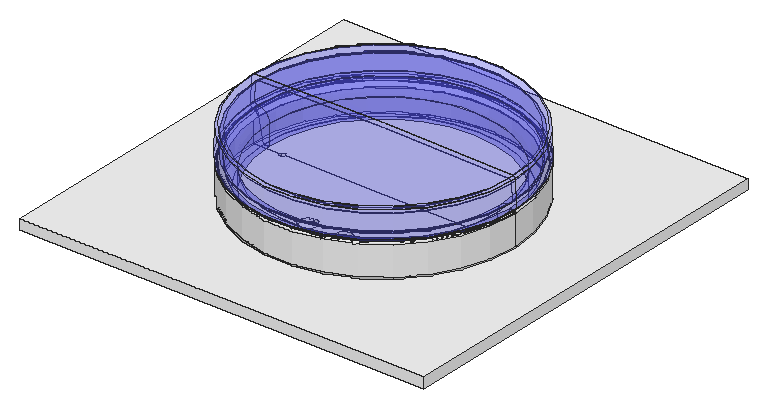
Revit family "BE_50648.1_de_DE", category Leuchten, Revit 2020
Family settings
  Basisbauteil = Fläche
  Bemaßung runder Anschluss = Durchmesser verwenden
  Teiletyp = Normal
  Beim Laden mit Abzugskörper schneiden = Ja
  Lichtquelle = Ja
  Gemeinsam genutzt = Nein
  Raumberechnungspunkt = Ja
Parameters (values of type "BEGA_50648.1_K4")
  built-in parameter 1150104 = 13.35 (stored number, unit not read)
  Wattage = 14.2 W
  Default Elevation = 0 mm
  built-in parameter 1150113 = 1 (stored number, unit not read)
  built-in parameter 1114218 = 1 (stored number, unit not read)
  Umgebungstemperatur = "25 °C"
  URL = "https://www.bega.com/de/produkt/50648.1"
  Typenkommentare = "© 2022 BEGA. Wir behalten uns das Recht vor, technische Änderungen ohne vorherige Ankündigung vorzunehmen."  # constant formula
  Type Image = 50648.1.png
  built-in parameter 1150134 = 12
  built-in parameter 1150109 = 1 (stored number, unit not read)
  Strom = ""
  built-in parameter 1150110 = 1 (stored number, unit not read)
  Spannung = 239.996 V
  Sonderanfertigung = no
  Seriennummer [instance] = "Hier können Sie die eindeutige Seriennummer für das Facility Management eintragen."
  Schutzklasse = "I"
  Schutzart = "IP 64"
  Scheinlast = 0 VA
  Produktdatenblatt = "https://cdn.bega.com/bega/products/50648.1K3/current/documents/data-sheets/de"
  Oberflächentemperatur = ""
  Neigungswinkel = 0.00°
  Modell = "50648.1K4"
  Material_17 = BEGA_Reflektor
  Material_15 = BEGA_Leuchtmedium_matt
  Material_11 = BEGA_Glas_opal
  Material_09 = BEGA_Glas_klar
  Material_06 = BEGA_Oberfläche_Edelstahl_gebürstet
  Material_03 = BEGA_Oberfläche_Weiss_matt
  Material_02 = BEGA_Oberfläche_Silber_matt
  Material_01 [instance] = BEGA_Oberfläche_Grafit_matt
  M_W = no
  M_G = no
  M_A = no
  Logo = 0
  built-in parameter 1114217 = 1 (stored number, unit not read)
  built-in parameter 1150139 = (empty or 0)
  built-in parameter 1150105 = 162.38 (stored number, unit not read)
  built-in parameter 1150114 = 1 (stored number, unit not read)
  Lumens = 2040.54 lm
  built-in parameter 1150115 = 1 (stored number, unit not read)
  Leuchtenlichtstrom = "1283 lm"
  Leuchtenanzahl = ""
  Lebensdauerkriterien = "L70B50 @ 25 °C = 145000 h"
  Lastklassifizierung = Beleuchtung
  built-in parameter 1150112 = 1 (stored number, unit not read)
  Lampenlichtstrom = "2350 lm"
  Lampe = "LED 13.8 W"
  LED_Modulbezeichnung = "LED-0854/940"
  Hersteller = "BEGA"  # constant formula
  Halbstreuwinkel = ""
  Gewicht = "1.95 kg"
  Gebrauchslageneinschränkung [instance] = ""
  Frequenz = "0/50-60 Hz"
  Farbwiedergabeindex = "CRI > 90"
  Farbtemperaturverschiebung bei Dämpfen der Lampe = <Keine Auswahl>
  Farbtemperatur = "4000 K"
  Color Filter = 16777215
  built-in parameter 1150133 = 10 (stored number, unit not read)
  Energieeffizienzklasse = "LED A++ - A"
  built-in parameter 1150137 = (empty or 0)
  built-in parameter 1150132 = (empty or 0)
  ENEC = "ja"
  Dimmbar [instance] = "on/off"
  Datei für fotometrisches Netz = "BE_50648.1K4.IES"
  CE_Konformität = "ja"
  Bestellnummer = "50648.1K4"
  Beschreibung_Sonderanfertigung = "Hier können Sie Informationen zur Sonderanfertigung eintragen."
  Beschreibung = "Decken- und Wandleuchte"
  built-in parameter 1150106 = 1.6238 (stored number, unit not read)
  Befestigungsbohrung = "Ø 5,5 mm"
  Befestigungsabstand = "200 mm"
  Ballwurfsicher = ""
  BEGA_Intern_aus = yes
  BEGA_Intern_an = yes
  BEGA_Intern_Konstruktion = yes
  BEGA_Intern = yes
  BEGA_IES = yes
  BEGA_Dummy = no
  Anschlussleitung = ""
  Anschlussleistung [instance] = "16 W"
  Anschlusskasten = ""
  built-in parameter 1150107 = 4000 (stored number, unit not read)
  built-in parameter 1150102 = (empty or 0)
  built-in parameter 1150138 = (empty or 0)
  Aktualisierung = "2022-05-19T04:00:07"
  Abstand_zur_angestrahlten_Fläche [instance] = ""
  AC/DC = "AC/DC"
Types (2, lengths in mm): name | built-in parameter 1150104 | built-in parameter 1150134 | Modell | built-in parameter 1150105 | Lumens | Leuchtenlichtstrom | Lampenlichtstrom | LED_Modulbezeichnung | Farbtemperatur | Datei für fotometrisches Netz | Bestellnummer | built-in parameter 1150106 | built-in parameter 1150107
  BEGA_50648.1_K3 | 12.886 (stored number, unit not read) | (empty or 0) | "50648.1K3" | 156.73 (stored number, unit not read) | 1969.54 lm | "1231 lm" | "2255 lm" | "LED-0854/930" | "3000 K" | "BE_50648.1K3.IES" | "50648.1K3" | 1.5673 (stored number, unit not read) | 3000 (stored number, unit not read)
  BEGA_50648.1_K4 | 13.35 (stored number, unit not read) | 12 | "50648.1K4" | 162.38 (stored number, unit not read) | 2040.54 lm | "1283 lm" | "2350 lm" | "LED-0854/940" | "4000 K" | "BE_50648.1K4.IES" | "50648.1K4" | 1.6238 (stored number, unit not read) | 4000 (stored number, unit not read)
Reference planes
  plane 1 "Mitte (Vorne/Hinten)": y = 0
  plane 2: z = 0
  plane 3 "Mitte (Links/Rechts)": x = 0
  plane 4 "Links": x = -131.499
  plane 5 "Rechts": x = 131.499
  plane 6 "Unten": y = -131.5
  plane 7 "Oben": y = 131.5
  plane 8 "Vorne": z = 67.043
  plane 9 "Hinten": z = 0
Forms (mm)
  Extrusion 1, solid, material "BEGA_Platte_Weiss"
    sketch origin (0, -1119.2, 0) x (1, 0, 0) y (0, 1, 0)
      loop
        line (-200, 1319.2) -> (-200, 919.2) -> (200, 919.2) -> (200, 1319.2) -> (-200, 1319.2)
    from 0 to -10
  Extrusion 2, solid, material "BEGA_Dummy_matt", visible <- "BEGA_Dummy"
    sketch origin (77.149, -76.023, 0) x (1, 0, 0) y (0, 1, 0)
      loop
        circle (-77.149, 76.023) r 131.499
    from 0 to 67.043
Dimensions and locks
  plane 1 "Mitte (Vorne/Hinten)" to Extrusion 1 = 200 mm
  aligned and locked: plane 2 to Extrusion 1
  aligned and locked: level to Extrusion 1
Nested families
  nested 1: "BE_50648.1" at (0, 0, 0) x (-1, 0, 0) z (0, 0, 1), type "BE_50648.1"
Connectors
  electrical at (0, 0, 0), driven by "Lastklassifizierung", driven by "Spannung", driven by "Scheinlast"
    settings: index 1, voltage 239.996 V, apparent load 0 VA, apparent load phase1 0 VA, apparent load phase2 0 VA, apparent load phase3 0 VA, power factor 1, load classification "Beleuchtung", number of poles 1, system type 31, power factor state 1, is connector primary yes, connector utility no, sub classification motor no, connector description ""
Definition of nested family "BE_50648.1"
  Parameters (values of type "BE_50648.1")
    Default Elevation = 1 mm
    URL = "http://www.bega.de/de/produkt"
    Type Comments = "© 2015 BEGA. Wir behalten uns das Recht vor, technische Änderungen ohne vorherige Ankündigung vorzunehmen. "  # constant formula
    Type Image = (empty or 0)
    Neigungswinkel_um_Z2 = 0.00°
    Neigungswinkel_um_Z1 = 0.00°
    Neigungswinkel_um_Y2 = 0.00°
    Neigungswinkel_um_Y1 = 0.00°
    Neigungswinkel_um_X2 = 0.00°
    Neigungswinkel_um_X1 = 0.00°
    Material_17 = none
    Material_15 = none
    Material_11 = none
    Material_09 = none
    Material_06 = none
    Material_05 = none
    Material_03 = none
    Material_02 = none
    Material_01 = none
    M_W = yes
    M_G = yes
    M_A = yes
    Länge_Platte = 400 mm  # constant formula
    Höhe_Platte = -10 mm  # constant formula
    Manufacturer = "BEGA"  # constant formula
    Drehwinkel_um_Z2 = 0.00°
    Drehwinkel_um_Z1 = 0.00°
    Breite_Platte = 400 mm  # constant formula
  Reference planes
    plane 1 "Mitte (Oben/Unten)": y = 0
    plane 2: z = 0
    plane 3 "Mitte (Links/Rechts)": x = 0
    plane 4: x = -131.499
    plane 5: z = 67.043
    plane 6: x = 131.499
    plane 7: y = -131.5
    plane 8: y = 131.5
  Forms (mm)
    Extrusion 1, solid, detail levels medium
      sketch origin (0, 0, 0) x (1, 0, 0) y (0, 1, 0)
        loop
          line (-200, 200) -> (-200, -200) -> (200, -200) -> (200, 200) -> (-200, 200)
      from 0 to -10 <- "Höhe_Platte"
    Revolve 2, solid, material <- "Material_03", detail levels medium+fine
      sketch origin (0, 0, 0) x (1, 0, 0) y (0, 0, 1)
        loop
          arc (-130.4, 3.5) -> (-129.814, 2.086) -> (-128.39, 1.49) r 2
          line (-128.39, 1.49) -> (0, 1.49) -> (0, 3.5) -> (-128.2, 3.5)
          arc (-128.2, 3.5) -> (-128.907, 3.793) -> (-129.2, 4.5) r 1
          line (-129.2, 4.5) -> (-129.2, 33.002) -> (-124.849, 28.651) -> (-124, 29.499) -> (-128.093, 33.592)
          arc (-128.093, 33.592) -> (-128.532, 33.886) -> (-129.05, 33.99) r 1.35
          arc (-129.05, 33.99) -> (-130.003, 33.596) -> (-130.4, 32.645) r 1.35
          line (-130.4, 32.645) -> (-130.4, 3.5)
        axis (0, 1.49) -> (0, 33.99)
      angle from 0 to 360
    Revolve 3, solid, material <- "Material_03", detail levels medium+fine
      sketch origin (0, 0, 0) x (1, 0, 0) y (0, 0, 1)
        loop
          arc (-109.291, 0.446) -> (-108.533, 0.114) -> (-107.714, 0) r 3
          line (-107.714, 0) -> (-100, 0) -> (-100, 2.209) -> (-112.15, 2.209) -> (-109.291, 0.446)
        axis (-100, 0) -> (-100, 2.209)
      angle from 0 to 360
    Revolve 4, solid, material <- "Material_03", detail levels medium+fine
      sketch origin (0, 0, 0) x (-1, 0, 0) y (0, 0, -1)
        loop
          line (-109.291, -0.446) -> (-112.15, -2.209) -> (-100, -2.209) -> (-100, 0) -> (-107.714, 0)
          arc (-107.714, 0) -> (-108.533, -0.114) -> (-109.291, -0.446) r 3
        axis (-100, 0) -> (-100, -2.209)
      angle from 0 to 360
    Revolve 5, solid, material <- "Material_11", detail levels medium+fine
      sketch origin (0, 0, 0) x (1, 0, 0) y (0, 0, 1)
        loop
          arc (-128.634, 65.043) -> (-129.995, 64.466) -> (-130.588, 63.111) r 2
          line (-130.588, 63.111) -> (-131.499, 37.036)
          arc (-131.499, 37.036) -> (-130.952, 35.588) -> (-129.535, 34.964) r 2
          line (-129.535, 34.964) -> (-124.456, 34.876) -> (-118.5, 6.5) -> (-112.5, 6.5) -> (-112.5, 26.875)
          arc (-112.5, 26.875) -> (-115.966, 35.311) -> (-124.36, 38.875) r 12
          arc (-124.36, 38.875) -> (-126.497, 39.804) -> (-127.324, 41.983) r 3
          line (-127.324, 41.983) -> (-126.762, 58.054)
          arc (-126.762, 58.054) -> (-125.872, 60.084) -> (-123.83, 60.948) r 3
          arc (-123.83, 60.948) -> (-61.918, 62.105) -> (0, 62.842) r 9145.004
          line (0, 62.842) -> (0, 67.043)
          arc (0, 67.043) -> (-64.321, 66.269) -> (-128.634, 65.043) r 9149.205
        axis (0, 6.5) -> (0, 67.043)
      angle from 0 to 360
    Extrusion 6, void
      sketch origin (0, 0, 0) x (0.939692, -0.342021, 0) y (0.342021, 0.939692, 0)
        loop
          circle (-41.07, 61.673) r 8.461
        loop
          circle (-93.969, -34.202) r 2.75
        loop
          circle (93.969, 34.202) r 2.75
        loop
          circle (-8.181, 73.643) r 8.461
      from 0 to 10
  Cuts and joins
    Extrusion 6 cuts Revolve 2
    Extrusion 6 cuts Revolve 3
    Extrusion 6 cuts Revolve 4
    joined: Revolve 2, Revolve 3, Revolve 4
  Dimensions and locks
    equal spacing: Extrusion 1 sketch curve, plane 3 "Mitte (Links/Rechts)", Extrusion 1 sketch curve
    equal spacing: Extrusion 1 sketch curve, plane 1 "Mitte (Oben/Unten)", Extrusion 1 sketch curve
    "Länge_Platte": Extrusion 1 sketch curve to Extrusion 1 sketch curve
    "Breite_Platte": Extrusion 1 sketch curve to Extrusion 1 sketch curve
    aligned and locked: plane 2 to Extrusion 1
    aligned and locked: level to Extrusion 1
  Automatic sketch dimensions
    Revolve 2 sketch curve to Revolve 2 sketch curve = 0 mm  (x7)
    Revolve 2 sketch curve to plane 3 "Mitte (Links/Rechts)" = 0 mm  (x2)
    level to Revolve 2 sketch curve = 29.499 mm
    level to Revolve 2 sketch curve = 28.651 mm
    Revolve 2 sketch curve to Revolve 2 sketch curve = 0.849 mm
    level to Revolve 2 sketch curve = 33.592 mm
    Revolve 2 sketch curve to Revolve 2 sketch curve = 4.093 mm
    level to Revolve 2 sketch curve = 3.5 mm
    Revolve 2 sketch curve to Revolve 2 sketch curve = 3.351 mm
    Revolve 2 sketch curve to Revolve 2 sketch curve = 0.2 mm
    Revolve 2 sketch curve to Revolve 2 sketch curve = 0.957 mm
    level to Revolve 2 sketch curve = 33.002 mm
    Revolve 2 sketch curve to Revolve 2 sketch curve = 0.15 mm  (x2)
    Revolve 2 sketch curve to Revolve 2 sketch curve = 1.2 mm
    level to Revolve 2 sketch curve = 1.49 mm
    Revolve 2 sketch curve to Revolve 2 sketch curve = 0.362 mm
    Revolve 2 sketch curve to Revolve 2 sketch curve = 0.357 mm
    Revolve 2 sketch curve to Revolve 2 sketch curve = 0.01 mm  (x2)
    Revolve 2 sketch curve to level = 1.538 mm
    Revolve 2 sketch curve to Revolve 2 sketch curve = 1 mm
    Revolve 2 sketch curve to Revolve 2 sketch curve = 8.697 mm
    Revolve 5 sketch curve to Revolve 5 sketch curve = 0 mm  (x10)
    Revolve 5 sketch curve to plane 3 "Mitte (Links/Rechts)" = 0 mm  (x2)
    level to Revolve 5 sketch curve = 6.5 mm
    Revolve 5 sketch curve to Revolve 5 sketch curve = 6 mm
    Revolve 5 sketch curve to Revolve 5 sketch curve = 11.264 mm
    Revolve 5 sketch curve to Revolve 5 sketch curve = 0.561 mm
    level to Revolve 5 sketch curve = 34.876 mm
    Revolve 5 sketch curve to Revolve 5 sketch curve = 0.131 mm
    Revolve 5 sketch curve to Revolve 5 sketch curve = 0.044 mm
    level to Revolve 5 sketch curve = 41.983 mm
    Revolve 5 sketch curve to Revolve 5 sketch curve = 2.998 mm  (x2)
    Revolve 5 sketch curve to Revolve 5 sketch curve = 4.825 mm
    Revolve 5 sketch curve to Revolve 5 sketch curve = 5.044 mm
    Revolve 5 sketch curve to Revolve 5 sketch curve = 1.999 mm  (x2)
    level to Revolve 5 sketch curve = 37.036 mm
    plane 3 "Mitte (Links/Rechts)" to Revolve 5 sketch curve = 77.874 mm
    Revolve 5 sketch curve to level = 9081.831 mm
    Revolve 5 sketch curve to Revolve 5 sketch curve = 8 mm
    Revolve 5 sketch curve to Revolve 5 sketch curve = 0.072 mm
    Revolve 5 sketch curve to Revolve 5 sketch curve = 0.109 mm
    Revolve 5 sketch curve to Revolve 5 sketch curve = 16.075 mm
    level to Revolve 5 sketch curve = 62.842 mm
    Revolve 5 sketch curve to Revolve 5 sketch curve = 5.094 mm
    Revolve 5 sketch curve to Revolve 5 sketch curve = 0.068 mm
    Revolve 5 sketch curve to Revolve 5 sketch curve = 4.201 mm
    Revolve 5 sketch curve to Revolve 5 sketch curve = 0.065 mm
    Revolve 5 sketch curve to Revolve 5 sketch curve = 0.001 mm  (x2)
    Revolve 5 sketch curve to Revolve 5 sketch curve = 0.035 mm  (x2)
    Revolve 5 sketch curve to Revolve 5 sketch curve = 0.045 mm
    level to Revolve 5 sketch curve = 34.964 mm
    Revolve 5 sketch curve to Revolve 5 sketch curve = 0.105 mm
    Revolve 5 sketch curve to Revolve 5 sketch curve = 1.307 mm
    Revolve 2 sketch curve to plane 4 = 7.499 mm
    Revolve 5 sketch curve to plane 4 = 18.999 mm
    level to Revolve 3 sketch curve = 2.209 mm
    level to Revolve 3 sketch curve = 3 mm
    Revolve 3 sketch curve to Revolve 3 sketch curve = 4.435 mm
    Revolve 3 sketch curve to Revolve 3 sketch curve = 7.714 mm
    Revolve 3 sketch curve to level = 0 mm
    level to Revolve 3 sketch curve = 0.446 mm
    Revolve 3 sketch curve to Revolve 3 sketch curve = 1.577 mm
    Revolve 3 sketch curve to Revolve 3 sketch curve = 0.002 mm
    Revolve 3 sketch curve to Revolve 3 sketch curve = 0 mm
    Revolve 3 sketch curve to Revolve 3 sketch curve = 0.649 mm
    Revolve 3 sketch curve to Revolve 3 sketch curve = 0.587 mm
    level to Revolve 4 sketch curve = 2.209 mm
    level to Revolve 4 sketch curve = 3 mm
    Revolve 4 sketch curve to Revolve 4 sketch curve = 4.435 mm
    Revolve 4 sketch curve to Revolve 4 sketch curve = 7.714 mm
    Revolve 4 sketch curve to level = 0 mm
    level to Revolve 4 sketch curve = 0.446 mm
    Revolve 4 sketch curve to Revolve 4 sketch curve = 1.577 mm
    Revolve 4 sketch curve to Revolve 4 sketch curve = 0.002 mm
    Revolve 4 sketch curve to Revolve 4 sketch curve = 0 mm
    Revolve 4 sketch curve to Revolve 4 sketch curve = 0.587 mm
    Revolve 4 sketch curve to Revolve 4 sketch curve = 0.649 mm
    Extrusion 6 sketch curve to plane 1 "Mitte (Oben/Unten)" = 0 mm
    Extrusion 6 sketch curve to plane 4 = 31.499 mm
    Extrusion 6 sketch curve to Extrusion 6 sketch curve = 52.899 mm
    Extrusion 6 sketch curve to Extrusion 6 sketch curve = 32.889 mm
    Extrusion 6 sketch curve to Extrusion 6 sketch curve = 68.404 mm
    Extrusion 6 sketch curve to Extrusion 6 sketch curve = 95.875 mm
    Extrusion 6 sketch curve to Extrusion 6 sketch curve = 11.971 mm
    Extrusion 6 sketch curve to Extrusion 6 sketch curve = 102.15 mm
    radius of Extrusion 6 sketch curve = 8.461 mm  (x2)
    radius of Extrusion 6 sketch curve = 2.75 mm  (x2)
